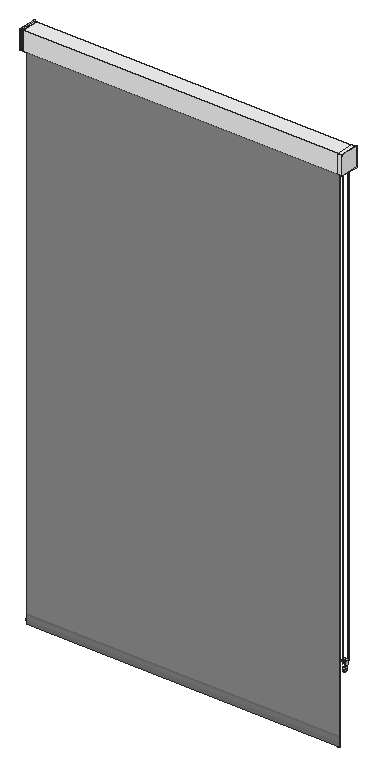
Revit family "WindowShade_RolleaseAcmeda_ContractSeries1_3inFascia_R20", category Specialty Equipment, host Wall, Revit 2020
Family settings
  Host = Wall
  Round Connector Dimension = Use Diameter
  Part Type = Normal
  Always vertical = Yes
  Cut with Voids When Loaded = No
  Shared = No
  Room Calculation Point = No
Parameters (values of type "5'W x 8'Drop - Manual Left - White")
  Weight Bar = RA - FINISH - WHITE
  URL = "https://www.rolleaseacmedacontract.com/resources/"
  Shade Width Calc = if(Input Bracket Width < 1' 6", 1' 6", if(Input Bracket Width > 10' 0", 10' 0", Input Bracket Width))  # 5' - 0"
  Model = "RA Contract Series"
  Manufacturer = "Rollease Acmeda"
  Input Bracket Width = 5' - 0"
  Shade Fabric = RA - FABRIC - AMBIENT REVIEW
  Shade Drop Calc = if(Input Shade Drop < 0' 0", 1' 0" / 12, if(Input Shade Drop > 12' 0", 12' 0", Input Shade Drop))  # 8' - 0"
  Input Shade Drop = 8' - 0"
  Drive Motorized Calc = and(not([Drive Manual LH (Select One)]), not([Drive Manual RH (Select One)]))  # no
  Drive Manual Right Calc = and(not([Drive Manual LH (Select One)]), not([Drive Motorized (Select One)]))  # no
  Drive Manual Left Calc = and(not([Drive Manual RH (Select One)]), not([Drive Motorized (Select One)]))  # yes
  Drive Manual RH (Select One) = no
  Drive Manual LH (Select One) = yes
  Header Finish = RA - FINISH - WHITE
  Drive Motorized (Select One) = no
  Description = "RAC Series 1 - 3\" Fascia System"
  Default Elevation = 10' - 0"
  Contact Phone = "1-800-552-5100"
  Contact Email = "contract@rolleaseacmeda.com"
  Chain Length = Shade Drop Calc * 0.85  # 6' - 9.6"
  Drop Bar Silent Weight = no
  Drop Bar Internal Hem = not(Drop Bar Silent Weight)  # yes
Types (3): name | Drive Motorized Calc | Drive Manual Right Calc | Drive Manual Left Calc | Drive Manual RH (Select One) | Drive Manual LH (Select One) | Drive Motorized (Select One)
  5'W x 8'Drop - Manual Left - White | no | no | yes | no | yes | no
  5'W x 8'Drop - Manual Right - White | no | yes | no | yes | no | no
  5'W x 8'Drop - Motorized - White | yes | no | no | no | no | yes
Reference planes (in)
  plane 1: y = 0
  plane 2 "Center (Left/Right)": x = 0
  plane 3 "Back": y = 3
  plane 4 "B.O. Header": z = 51.22662
  plane 5 "B.O. Shade": z = -44.77338
  plane 6 "END R": x = -30
  plane 7 "END S": x = 30
  plane 8: x = -29.19
  plane 9: x = 29.19
Forms (in)
  Extrusion 1, solid, material "RA - FABRIC - AMBIENT REVIEW" <- "Shade Fabric"
    sketch origin (0, 3, -30) x (1, 0, 0) y (0, 0, 1)
      loop
        line (29.19, 81.22662) -> (-29.19, 81.22662) -> (-29.19, -14.77338) -> (29.19, -14.77338) -> (29.19, 81.22662)
    from -0.5 to -0.625
  Sweep 2, solid, material "RA - FABRIC - AMBIENT REVIEW" <- "Shade Fabric", visible <- "Drop Bar Internal Hem", detail levels fine
    path in 3D
      loop
        line (29.19, 3.625, -44.77338) -> (-29.19, 3.625, -44.77338)
    profile "PROFILE - SEALED HEM : PROFILE - SEALED HEM" origin (0, 3.625, -44.77338) x (0, 1, 0) y (0, 0, -1)
      loop
        arc (-0.04652, -0.00918) -> (-0.21009, -0.8709) -> (-0.06158, -1.73535) r 2.46494
        line (-0.06158, -1.73535) -> (0.0003, -1.73535)
        arc (0.0003, -1.73535) -> (0.14882, -0.8709) -> (-0.01476, -0.00918) r 2.46494
        arc (-0.01476, -0.00918) -> (-0.03064, 0.00091) -> (-0.04652, -0.00918) r 0.01753
  Sweep 3, solid, material "RA - FINISH - WHITE" <- "Weight Bar", visible <- "Drop Bar Silent Weight", detail levels fine
    path in 3D
      loop
        line (29.19, 3.625, -44.77338) -> (-29.19, 3.625, -44.77338)
    profile "PROFILE - WEIGHTED DROP : PROFILE - WEIGHTED DROP" origin (0, 3.625, -44.77338) x (0, 1, 0) y (0, 0, -1)
      loop
        arc (0.17315, -1.26562) -> (0.2326, -0.91458) -> (0.23882, -0.55859) r 2.37109
        line (0.23882, -0.55859) -> (0.19081, -0.55859) -> (0.19081, -0.49609) -> (0.23438, -0.49609)
        arc (0.23438, -0.49609) -> (0.21114, -0.30933) -> (0.17315, -0.125) r 2.37109
        line (0.17315, -0.125) -> (0.0158, -0.125) -> (0.0158, 0) -> (-0.07014, 0) -> (-0.07014, -0.125) -> (-0.34638, -0.125) -> (-0.34638, -1.26562) -> (0.17315, -1.26562)
Lines and regions (in)
  sketch lines
    curve 1: line (29.19, 3.625, -44.77338) -> (-29.19, 3.625, -44.77338)
    curve 2: line (29.19, 3.625, -44.77338) -> (-29.19, 3.625, -44.77338)
Text (in)
  text "Placement Side" at (0, 40.15149, 123.01588), in view "Right"
  text "Placement Side" at (-58.6842, 42.74981, 0), in view "Ref. Level"
  text "Placement Side" at (0, 47.49176, 140.59947), in view "Left"
Dimensions and locks (in)
  locked: plane 3 "Back" to host wall
  "Shade Drop Calc": plane 5 "B.O. Shade" to plane 4 "B.O. Header"
  "Shade Drop Calc": Extrusion 1 sketch curve to Extrusion 1 sketch curve
  locked: nested 5 to Extrusion 1 at 1.185
  "Chain Length": nested 5 to plane 4 "B.O. Header"
  locked: nested 9 to Extrusion 1 at 1.185
  "Chain Length": nested 9 to plane 4 "B.O. Header"
  equal spacing: plane 6 "END R", plane 2 "Center (Left/Right)", plane 7 "END S"
  "Shade Width Calc": plane 6 "END R" to plane 7 "END S"
  locked: plane 8 to plane 6 "END R" at 0.81
  locked: plane 9 to plane 7 "END S" at 0.81
  aligned and locked: nested 1 to plane 4 "B.O. Header"
  aligned and locked: nested 3 to plane 7 "END S"
  aligned and locked: plane 7 "END S" to nested 7
  aligned and locked: nested 11 to plane 7 "END S"
  aligned and locked: plane 6 "END R" to nested 10
  aligned and locked: plane 6 "END R" to nested 2
  aligned and locked: nested 6 to plane 6 "END R"
  aligned and locked: plane 9 to nested 7
  aligned and locked: Extrusion 1 sketch curve to plane 9
  aligned and locked: plane 8 to Extrusion 1 sketch curve
Automatic sketch dimensions
  Extrusion 1 sketch curve to plane 5 "B.O. Shade" = 0' - 0"
Nested families (in)
  nested 1: "2.0GeneralHeader" at (0, 3, 51.7842) x (-1, 0, 0) z (0, 1, 0), type "2.0GeneralHeader"
  nested 2: "2.0HeaderCapChain" at (-30, 3, 52.94249) x (-1, 0, 0) z (0, 1, 0), visible <- "Drive Manual Right Calc", type "2.0HeaderCapChain"
  nested 3: "2.0HeaderCap" at (30, 3, 52.9717) x (1, 0, 0) z (0, 1, 0), visible <- "Drive Manual Right Calc", type "2.0HeaderCap"
  nested 4: "PULL CHAIN2" at (-29.5314, 3.32999, 51.22662) x (-1, 0, 0) z (0, 0, -1), visible <- "Drive Manual Right Calc", type "PULL CHAIN2", detail levels fine
    with CHAIN LENGTH 6' - 9.6"
  nested 5: "CHAIN HOLDER" at (-30.375, 3, -30.37338) x (1, 0, 0) z (0, 1, 0), visible <- "Drive Manual Right Calc", type "CHAIN HOLDER", detail levels fine
  nested 6: "2.0HeaderCap" at (-30, 3, 52.9717) x (-1, 0, 0) z (0, 1, 0), visible <- "Drive Manual Left Calc", type "2.0HeaderCap"
  nested 7: "2.0HeaderCapChain" at (30, 3, 52.94249) x (1, 0, 0) z (0, 1, 0), visible <- "Drive Manual Left Calc", type "2.0HeaderCapChain"
  nested 8: "PULL CHAIN2" at (29.8814, 3.32999, 51.22662) x (1, 0, 0) z (0, 0, -1), visible <- "Drive Manual Left Calc", type "PULL CHAIN2", detail levels fine
    with CHAIN LENGTH 6' - 9.6"
  nested 9: "CHAIN HOLDER" at (30.375, 3, -30.37338) x (1, 0, 0) z (0, 1, 0), visible <- "Drive Manual Left Calc", type "CHAIN HOLDER", detail levels fine
  nested 10: "2.0HeaderCapChain" at (-30, 3, 52.94249) x (-1, 0, 0) z (0, 1, 0), visible <- "Drive Motorized Calc", type "2.0HeaderCapChain"
  nested 11: "2.0HeaderCap" at (30, 3, 52.9717) x (1, 0, 0) z (0, 1, 0), visible <- "Drive Motorized Calc", type "2.0HeaderCap"
Definition of nested family "2.0GeneralHeader"
  Parameters (values of type "2.0GeneralHeader")
    Header Width = 5' - 0"
    Header Height = 0' - 3 59/128"
    Header Finish = none
    Header Depth = 0' - 3 37/128"
    Default Elevation = 4' - 0"
  Reference planes (in)
    plane 1 "Center (Front/Back)": y = 0
    plane 2: z = 0
    plane 3 "Center (Left/Right)": x = 0
    plane 4: x = -30
    plane 5: x = 30
    plane 6: y = 2.90336
    plane 7: y = -0.55757
    plane 8: z = 3.28906
  Forms (in)
    Extrusion 1, solid, material <- "Header Finish"
      sketch origin (0, 0, 0) x (1, 0, 0) y (0, 1, 0)
        loop
          line (-30, -0.55757) -> (30, -0.55757) -> (30, 2.90336) -> (-30, 2.90336) -> (-30, -0.55757)
      from 0 to 3.28906
  Lines and regions (in)
    Masking region 1
      outline origin (0, 0, 0) x (1, 0, 0) y (0, 1, 0)
        loop
          line (-30, 2.90336) -> (-30, -0.55757) -> (30, -0.55757) -> (30, 2.90336) -> (-30, 2.90336)
  Dimensions and locks (in)
    "Header Width": plane 4 to plane 5
    "Header Height": plane 7 to plane 6
    "Header Depth": plane 8 to plane 2
    equal spacing: plane 4, plane 3 "Center (Left/Right)", plane 5
    aligned and locked: plane 2 to level
    aligned and locked: plane 4 to Extrusion 1
    aligned and locked: Extrusion 1 to plane 5
    aligned and locked: Extrusion 1 to plane 6
    aligned and locked: Extrusion 1 to plane 7
    aligned and locked: plane 8 to Extrusion 1
    aligned and locked: plane 4 to Masking region 1
    aligned and locked: Masking region 1 to plane 7
    aligned and locked: Masking region 1 to plane 6
    aligned and locked: Masking region 1 to plane 5
  Automatic sketch dimensions
    Extrusion 1 sketch curve to plane 4 = 0' - 0"
    plane 5 to Extrusion 1 sketch curve = 0' - 0"
    Extrusion 1 sketch curve to plane 7 = 0' - 0"
    plane 6 to Extrusion 1 sketch curve = 0' - 0"
    Masking region 1 sketch curve to plane 4 = 0' - 0"
    plane 5 to Masking region 1 sketch curve = 0' - 0"
    Masking region 1 sketch curve to plane 7 = 0' - 0"
    plane 6 to Masking region 1 sketch curve = 0' - 0"
Definition of nested family "2.0HeaderCapChain"
  Parameters (values of type "2.0HeaderCapChain")
    Header Height = 0' - 3 59/128"
    Header Finish = none
    Header Depth = 0' - 3 37/128"
    End Cap Depth = 0' - 0 1/16"
    Default Elevation = 4' - 0"
  Reference planes (in)
    plane 1 "Center (Front/Back)": y = 0
    plane 2: z = 0
    plane 3 "Center (Left/Right)": x = 0
    plane 4 "FACE": x = -0.81
    plane 5: y = 1.74507
    plane 6: y = -1.71586
    plane 7: z = 3.28906
    plane 8: y = 1.80757
    plane 9: z = 3.35156
    plane 10: y = -1.77836
  Forms (in)
    Extrusion 1, solid, material <- "Header Finish"
      sketch origin (0, 0, 0) x (1, 0, 0) y (0, 1, 0)
        loop
          line (-0.81, -1.71586) -> (0, -1.71586) -> (0, 1.74507) -> (-0.81, 1.74507) -> (-0.81, -1.71586)
      from 0 to 3.28906
    Extrusion 2, solid, material <- "Header Finish"
      sketch origin (0, 0, 0) x (0, 1, 0) y (0, 0, 1)
        loop
          line (1.80757, 3.35156) -> (-1.77836, 3.35156) -> (-1.77836, 0) -> (1.80757, 0) -> (1.80757, 3.35156)
      from -0.0625 to 0
  Lines and regions (in)
    Masking region 1
      outline origin (0, 0, 0) x (1, 0, 0) y (0, 1, 0)
        loop
          line (-0.81, 1.74507) -> (-0.81, -1.71586) -> (0, -1.71586) -> (0, 1.74507) -> (-0.81, 1.74507)
  Dimensions and locks (in)
    "Header Height": plane 6 to plane 5
    "Header Depth": plane 7 to plane 2
    locked: plane 4 "FACE" to plane 3 "Center (Left/Right)" at 0.81
    "End Cap Depth": plane 9 to plane 7
    "End Cap Depth": plane 6 to plane 10
    "End Cap Depth": plane 8 to plane 5
    aligned and locked: plane 2 to level
    aligned and locked: plane 4 "FACE" to Extrusion 1
    aligned and locked: Extrusion 1 to plane 5
    aligned and locked: plane 6 to Extrusion 1
    aligned and locked: plane 7 to Extrusion 1
    aligned and locked: plane 4 "FACE" to Masking region 1
    aligned and locked: plane 6 to Masking region 1
    aligned and locked: Masking region 1 to plane 5
    aligned and locked: plane 3 "Center (Left/Right)" to Extrusion 1
    aligned and locked: Extrusion 2 sketch curve to Extrusion 1
    aligned and locked: Extrusion 2 sketch curve to plane 10
    aligned and locked: Extrusion 2 sketch curve to plane 9
    aligned and locked: plane 8 to Extrusion 2 sketch curve
    aligned and locked: plane 3 "Center (Left/Right)" to Masking region 1
  Automatic sketch dimensions
    Extrusion 1 sketch curve to plane 4 "FACE" = 0' - 0"
    Extrusion 1 sketch curve to plane 6 = 0' - 0"
    plane 5 to Extrusion 1 sketch curve = 0' - 0"
    Masking region 1 sketch curve to plane 4 "FACE" = 0' - 0"
    Masking region 1 sketch curve to plane 6 = 0' - 0"
    plane 5 to Masking region 1 sketch curve = 0' - 0"
    plane 3 "Center (Left/Right)" to Extrusion 1 sketch curve = 0' - 0"
    Masking region 1 sketch curve to plane 3 "Center (Left/Right)" = 0' - 0"
Definition of nested family "2.0HeaderCap"
  Parameters (values of type "2.0HeaderCap")
    Header Height = 0' - 3 59/128"
    Header Finish = none
    Header Depth = 0' - 3 37/128"
    End Cap Depth = 0' - 0 1/16"
    Default Elevation = 4' - 0"
  Reference planes (in)
    plane 1 "Center (Front/Back)": y = 0
    plane 2: z = 0
    plane 3 "Center (Left/Right)": x = 0
    plane 4: x = -0.46
    plane 5: y = 1.74507
    plane 6: y = -1.71586
    plane 7: z = 3.28906
    plane 8: y = 1.80757
    plane 9: z = 3.35156
    plane 10: y = -1.77836
  Forms (in)
    Extrusion 1, solid, material <- "Header Finish"
      sketch origin (0, 0, 0) x (1, 0, 0) y (0, 1, 0)
        loop
          line (-0.46, -1.71586) -> (0, -1.71586) -> (0, 1.74507) -> (-0.46, 1.74507) -> (-0.46, -1.71586)
      from 0 to 3.28906
    Extrusion 2, solid, material <- "Header Finish"
      sketch origin (0, 0, 0) x (0, 1, 0) y (0, 0, 1)
        loop
          line (1.80757, 3.35156) -> (-1.77836, 3.35156) -> (-1.77836, 0) -> (1.80757, 0) -> (1.80757, 3.35156)
      from -0.0625 to 0
  Lines and regions (in)
    Masking region 1
      outline origin (0, 0, 0) x (1, 0, 0) y (0, 1, 0)
        loop
          line (-0.46, 1.74507) -> (-0.46, -1.71586) -> (0, -1.71586) -> (0, 1.74507) -> (-0.46, 1.74507)
  Dimensions and locks (in)
    "Header Height": plane 6 to plane 5
    "Header Depth": plane 7 to plane 2
    locked: plane 4 to plane 3 "Center (Left/Right)" at 0.46
    "End Cap Depth": plane 9 to plane 7
    "End Cap Depth": plane 6 to plane 10
    "End Cap Depth": plane 8 to plane 5
    aligned and locked: plane 2 to level
    aligned and locked: plane 4 to Extrusion 1
    aligned and locked: Extrusion 1 to plane 5
    aligned and locked: plane 6 to Extrusion 1
    aligned and locked: plane 7 to Extrusion 1
    aligned and locked: plane 4 to Masking region 1
    aligned and locked: plane 6 to Masking region 1
    aligned and locked: Masking region 1 to plane 5
    aligned and locked: plane 3 "Center (Left/Right)" to Extrusion 1
    aligned and locked: Extrusion 2 sketch curve to Extrusion 1
    aligned and locked: Extrusion 2 sketch curve to plane 10
    aligned and locked: Extrusion 2 sketch curve to plane 9
    aligned and locked: plane 8 to Extrusion 2 sketch curve
    aligned and locked: plane 3 "Center (Left/Right)" to Masking region 1
  Automatic sketch dimensions
    Extrusion 1 sketch curve to plane 4 = 0' - 0"
    Extrusion 1 sketch curve to plane 6 = 0' - 0"
    plane 5 to Extrusion 1 sketch curve = 0' - 0"
    Masking region 1 sketch curve to plane 4 = 0' - 0"
    Masking region 1 sketch curve to plane 6 = 0' - 0"
    plane 5 to Masking region 1 sketch curve = 0' - 0"
    plane 3 "Center (Left/Right)" to Extrusion 1 sketch curve = 0' - 0"
    Masking region 1 sketch curve to plane 3 "Center (Left/Right)" = 0' - 0"
Definition of nested family "PULL CHAIN2"
  Parameters (values of type "PULL CHAIN2")
    MANUAL DRIVE CHAIN = yes
    Default Elevation = 4' - 0"
    CHAIN LENGTH = 4' - 0"
  Reference planes (in)
    plane 1 "Center (Front/Back)": y = 0
    plane 2 "bottom": z = 0
    plane 3 "Center (Left/Right)": x = 0
    plane 4 "top": z = 48
  Forms (in)
    Extrusion 1, solid
      sketch origin (0, 0, 0) x (1, 0, 0) y (0, 1, 0)
        loop
          circle (0, 0) r 0.0625
        loop
          circle (0, 1.25) r 0.0625
      from 0 to 48
  Dimensions and locks (in)
    plane 4 "top" to plane 2 "bottom" = 4' - 0"
    "CHAIN LENGTH": plane 4 "top" to plane 2 "bottom"
    aligned and locked: plane 2 "bottom" to level
    aligned and locked: plane 4 "top" to Extrusion 1
    aligned and locked: Extrusion 1 to plane 2 "bottom"
  Automatic sketch dimensions
    Extrusion 1 sketch curve to plane 3 "Center (Left/Right)" = 0' - 0"  (x2)
    plane 1 "Center (Front/Back)" to Extrusion 1 sketch curve = 0' - 0"
    Extrusion 1 sketch curve to Extrusion 1 sketch curve = 0' - 1 1/4"
    radius of Extrusion 1 sketch curve = 0' - 0 1/16"  (x2)
Definition of nested family "CHAIN HOLDER"
  Parameters (values of type "CHAIN HOLDER")
    Default Elevation = 4' - 0"
  Reference planes (in)
    plane 1 "Center (Front/Back)": y = 0
    plane 2: z = 0
    plane 3 "Center (Left/Right)": x = 0
  Forms (in)
    Extrusion 1, solid
      sketch origin (0, -0.90475, 0) x (1, 0, 0) y (0, 1, 0)
        loop
          line (-0.15144, 0) -> (0.15144, 0)
          arc (0.15144, 0) -> (0.30013, 0.06647) -> (0.34975, 0.2216) r 0.19953
          line (0.34975, 0.2216) -> (0.16523, 1.87945)
          arc (0.16523, 1.87945) -> (0.12687, 1.95389) -> (0.04865, 1.98378) r 0.1173
          line (0.04865, 1.98378) -> (-0.04865, 1.98378)
          arc (-0.04865, 1.98378) -> (-0.12687, 1.95389) -> (-0.16523, 1.87945) r 0.1173
          line (-0.16523, 1.87945) -> (-0.34975, 0.2216)
          arc (-0.34975, 0.2216) -> (-0.30013, 0.06647) -> (-0.15144, 0) r 0.19953
        loop
          circle (0, 0.2615) r 0.125
        loop
          circle (0, 1.66775) r 0.125
      from 0 to 0.5
    Extrusion 2, void
      sketch origin (0, -0.90475, 0) x (1, 0, 0) y (0, 1, 0)
        loop
          line (-0.3577, 1.23378) -> (-0.3577, 0.65475) -> (0.3436, 0.65475) -> (0.3436, 1.23378) -> (-0.3577, 1.23378)
      from 0 to 0.375
  Cuts and joins
    Extrusion 2 cuts Extrusion 1
  Dimensions and locks (in)
    aligned and locked: plane 2 to level
